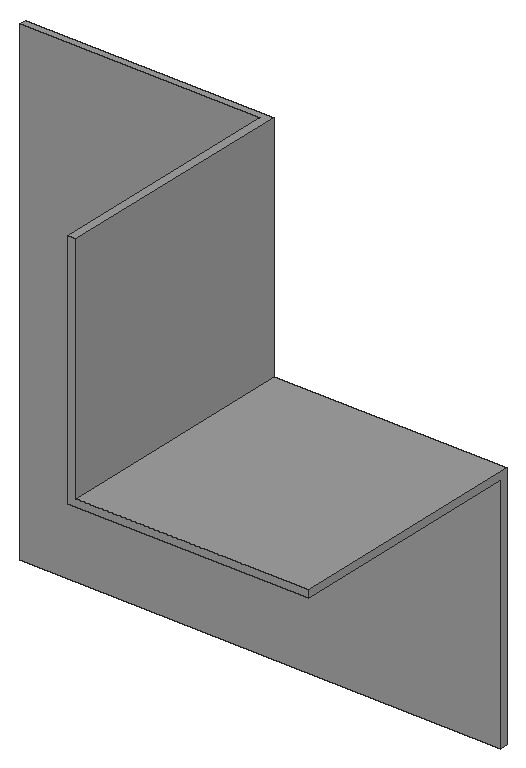
Revit family "Flashing_Preformed_Hyload_Type-W1", category Generic Models, Revit 2015
Parameters (values of type "As Specified")
  Unit Width = 0' - 7 1/8"
  Unit Height = 0' - 2"
  Unit Depth = 0' - 6"
  URL = "http://www.hyload.com/"
  Thickness = 0' - 0 1/16"
  Specification = "http://www.arcat.com/sdspecs/htm04/07_65_00hyl.htm"
  Sales Information = "http://www.hyload.com/contact-us"
  Revision = "R1_12-2015"
  Product Properties = "http://www.hyload.com/masonry-flashing/preformed-shapes/"
  Product Data = "http://www.arcat.com/arcatcos/cos33/arc33176.html"
  Model = "Type W1"
  Manufacturer Website = "http://www.hyload.com/"
  Manufacturer Phone - Toll Free = "800-457-4056"
  Manufacturer Phone = "330-769-3546"
  Manufacturer Fax = "330-769-4153"
  Manufacturer Address = "5020 Panther Pkwy., Seville, OH 44273"
  Manufacturer = "Hyload"
  Keynote = "07 65 00"
  Flashing Material = Hyload Flashing Membrane - Grey
  Drawn By = "Robert S. Weygant / Sumex Design"
  Description = "Preformed Hyload Masonry Flashing - Type W1"
  Copyright = "(c) ARCAT, Inc, 2015"
  Construction Details = "http://www.arcat.com/details/hyload/hyload.html?coid=33176"
  Assembly Code = "B3010400"
Reference planes (in)
  plane 1 "Center (Front/Back)": y = 0
  plane 2: z = 0
  plane 3 "Center (Left/Right)": x = 0
  plane 4: x = 2
  plane 5: z = 2
  plane 6: y = -2
  plane 7: z = 4
Forms (in)
  Sweep 1, solid, material "Hyload Flashing Membrane - Grey" <- "Flashing Material"
    path origin (0, 0, 0) x (1, 0, 0) y (0, 0, 1)
      loop
        line (2, 2) -> (0, 2) -> (0, 4)
    profile origin (1, 0, 2) x (0, 0, -1) y (0, -1, 0)
      loop
        line (0, 0) -> (0, 2) -> (-0.0625, 2) -> (-0.0625, -0.0625) -> (2, -0.0625) -> (2, 0) -> (0, 0)
Dimensions and locks (in)
  "Unit Height": plane 5 to level
  plane 1 "Center (Front/Back)" to plane 6 = 0' - 2"
  plane 7 to level = 0' - 4"
  plane 4 to plane 3 "Center (Left/Right)" = 0' - 2"
  "Thickness": Sweep 1 sketch curve to plane 5
  "Thickness": Sweep 1 sketch curve to plane 1 "Center (Front/Back)"
  aligned and locked: plane 2 to level
  aligned and locked: plane 3 "Center (Left/Right)" to Sweep 1 sketch curve
  aligned and locked: plane 5 to Sweep 1 sketch curve  (x2)
  aligned and locked: Sweep 1 sketch curve to plane 6
  aligned and locked: Sweep 1 sketch curve to level
  aligned and locked: plane 7 to Sweep 1 sketch curve
Automatic sketch dimensions
  Sweep 1 sketch curve to plane 1 "Center (Front/Back)" = 0' - 0"
  Sweep 1 sketch curve to plane 4 = 0' - 0"
